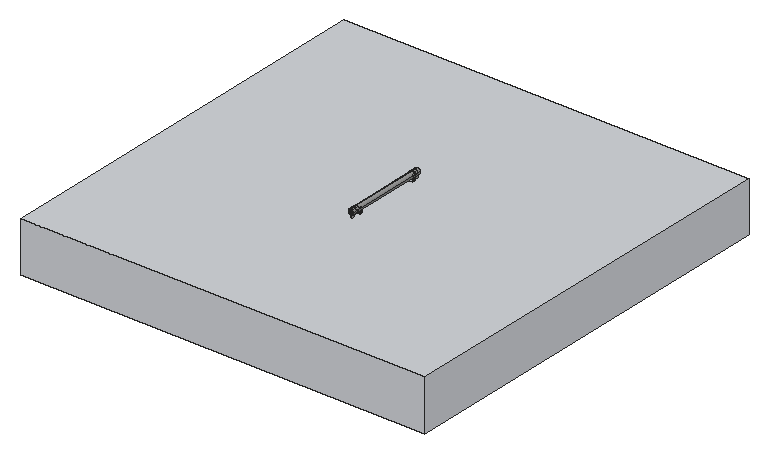
Revit family "L-line A 0.5", category Осветительные приборы, Revit 2017
Family settings
  Основа = Грань
  Размер круглого соединителя = Использовать диаметр
  Тип детали = Нормальный
  При загрузке вырезать с полостями = Нет
  Источник света = Да
  Общий = Нет
  Точка расчета площади = Нет
Parameters (values of type "L-line A 0.5 3.0K Д (матовый)")
  Расстояние от светильника до поверхности = 55.991 mm
  Описание = "Светодиодный светильник L-line A 0,5 предназначен для архитектурной подсветки зданий и сооружений различного назначения. Модули L-line A могут соединяться между собой в непрерывные линии длиной до 12 метров, что позволяет получить равномерную засветку по всей длине подключенных светильников. Соединение модулей осуществляется при помощи герметичных коннекторов."
  Lamp = ""
  Комментарии к типоразмеру = "Архитектурные"
  Wattage Comments = ""
  Wattage = 10.2934 W
  built-in parameter 1150110 = 1 (stored number, unit not read)
  built-in parameter 1114217 = 1 (stored number, unit not read)
  Tilt Angle = 90.00°
  built-in parameter 1150109 = 1 (stored number, unit not read)
  built-in parameter 1150134 = (empty or 0)
  built-in parameter 1150113 = 1 (stored number, unit not read)
  Файл фотометрической сетки = "L-line A 0.5-14-D-3.0K-03.ies"
  built-in parameter 1150142 = "IESNA:LM-63-1995\r\n[TEST]LEDEL\r\n[DATA]28.10.2017\r\n[MANUFAC]LEDEL\r\n[LUMCAT]L-line A 0.5/14/Д/3.0K/03\r\n[LUMINAIRE]Предназначен  для  архитектурной и декоративной  подсветки\r\n[LAMPCAT]LED\r\n[LAMP]OSRAM DURIS \r\nTILT=NONE\r\n\r\n\r\n1 1529  0.5525840260209  37 19 1 2 0.5 0.042 0.043\r\n\r\n1 1 14.4\r\n\r\n 0 2.5 5 7.5 10 12.5 15 17.5 20 22.5 25 27.5 30 32.5 35 37.5 40 42.5 45 47.5\r\n 50 52.5 55 57.5 60 62.5 65 67.5 70 72.5 75 77.5 80 82.5 85 87.5 90\r\n\r\n  0 10 20 30 40 50 60 70 80 90 100 110 120 130 140 150\r\n  160 170 180\r\n\r\n  819 818 817 812 806 800 789 778 765 751 734 717 699 679 658\r\n  637 616 591 568 544 521 496 469 446 421 396 372 347 324 300\r\n  277 257 234 216 195 177 160\r\n  819 819 817 812 810 803 795 787 775 765 754 740 726 711 696\r\n  679 663 643 626 607 586 567 548 529 511 491 469 446 422 400\r\n  378 355 337 317 299 281 263\r\n  808 806 806 803 797 792 784 776 765 755 742 729 714 700 683\r\n  667 649 630 611 591 570 551 528 509 487 468 447 425 403 384\r\n  362 343 321 303 283 264 248\r\n  800 800 797 795 789 784 774 764 755 743 729 715 700 681 665\r\n  647 629 609 586 566 547 526 507 484 466 444 422 402 381 360\r\n  338 319 299 280 263 244 229\r\n  811 811 809 804 799 793 783 773 762 748 734 719 702 685 666\r\n  644 625 602 582 560 536 515 492 466 445 421 400 378 354 333\r\n  312 292 271 251 232 215 198\r\n  819 818 817 812 806 800 789 778 765 751 734 717 699 679 658\r\n  637 616 591 568 544 521 496 469 446 421 396 372 347 324 300\r\n  277 257 234 216 195 177 160\r\n  820 819 818 812 806 800 789 778 764 748 732 714 693 674 652\r\n  629 606 578 556 528 502 477 450 422 395 368 340 313 288 263\r\n  238 214 192 172 151 135 118\r\n  822 821 820 815 809 800 789 777 762 747 729 710 690 667 645\r\n  621 595 567 540 514 485 459 429 402 371 344 313 283 255 226\r\n  200 175 151 128 108 91 76\r\n  825 821 820 815 809 800 788 775 761 745 727 706 685 663 639\r\n  614 588 561 533 504 471 438 410 378 348 317 288 255 224 193\r\n  163 133 107 84 64 46 35\r\n  820 821 818 814 806 797 786 774 759 743 723 705 685 659 636\r\n  610 584 557 527 500 469 441 412 381 351 319 287 253 217 185\r\n  152 120 90 63 39 22 14\r\n  825 822 819 812 805 796 785 771 754 737 720 700 679 655 630\r\n  606 578 552 525 496 469 438 410 379 347 316 285 252 222 189\r\n  159 129 103 80 60 42 31\r\n  822 821 817 811 806 796 786 773 756 739 722 701 682 659 635\r\n  611 586 559 533 504 477 448 419 390 360 330 300 271 241 216\r\n  188 162 138 118 99 83 66\r\n  820 819 815 810 803 795 784 771 756 740 723 707 688 665 642\r\n  619 597 572 545 518 493 466 438 411 383 355 329 301 274 250\r\n  225 203 181 161 141 126 109\r\n  819 818 814 810 803 795 786 773 759 746 731 714 694 674 655\r\n  633 611 587 563 540 515 488 463 437 412 386 362 338 313 289\r\n  267 247 225 206 187 169 152\r\n  811 811 806 802 795 788 779 770 756 743 729 713 696 677 658\r\n  638 617 595 573 550 528 504 480 458 433 411 387 364 343 320\r\n  299 279 258 240 222 203 186\r\n  800 800 800 795 787 780 773 765 756 741 723 708 693 677 658\r\n  641 619 599 579 558 536 515 493 472 452 429 408 386 367 345\r\n  324 306 288 267 249 231 215\r\n  808 807 805 803 797 789 783 774 764 753 739 727 712 697 680\r\n  660 642 623 604 584 562 541 521 499 477 455 435 413 393 373\r\n  353 332 313 292 274 257 240\r\n  819 819 817 812 810 803 795 786 774 763 753 739 726 708 693\r\n  675 658 641 620 601 583 562 540 519 499 477 454 435 413 390\r\n  370 349 329 311 294 274 256\r\n  819 818 814 810 803 795 786 773 759 746 731 714 694 674 655\r\n  633 611 587 563 540 515 488 463 437 412 386 362 338 313 289\r\n  267 247 225 206 187 169 152\r\n\r"
  built-in parameter 1150105 = 121.67 (stored number, unit not read)
  Lumens = 1529 lm
  built-in parameter 1150115 = 1 (stored number, unit not read)
  built-in parameter 1150137 = (empty or 0)
  built-in parameter 1150139 = (empty or 0)
  built-in parameter 1150112 = 1 (stored number, unit not read)
  built-in parameter 1150114 = 1 (stored number, unit not read)
  built-in parameter 1150132 = 2
  Классификация нагрузок = Освещение
  built-in parameter 1150102 = (empty or 0)
  built-in parameter 1150107 = 3000 (stored number, unit not read)
  built-in parameter 1150138 = (empty or 0)
  built-in parameter 1150106 = 1.2167 (stored number, unit not read)
  Emit from Rectangle Width = 32 mm
  Emit from Rectangle Length = 500 mm
  Изготовитель = "LEDEL"
  Длина профиля = Emit from Rectangle Length  # 500 mm
  Emit Shape Visible in Rendering = no
  built-in parameter 1150104 = 13.8 (stored number, unit not read)
  Dimming Lamp Color Temperature Shift = (empty or 0)
  Default Elevation = 1219.2 mm
  Color Filter = 16777215
  built-in parameter 1114218 = 1 (stored number, unit not read)
  built-in parameter 1150133 = 10 (stored number, unit not read)
  Apparent Load = 14.4 VA  # constant formula
  Артикул = "712101400833100"
Reference planes
  plane 1 "Center (Front/Back)": y = 0
  plane 2: z = 0
  plane 3 "Center (Left/Right)": x = 0
Forms (mm)
  Extrusion 1, solid
    sketch origin (0, 0, 0) x (1, 0, 0) y (0, 1, 0)
      loop
        line (-1219.2, 1219.2) -> (-1219.2, -1219.2) -> (1219.2, -1219.2) -> (1219.2, 1219.2) -> (-1219.2, 1219.2)
    from 0 to -304.8
Dimensions and locks
  "Расстояние от светильника до поверхности": imposter light to Extrusion 1
  aligned and locked: plane 2 to Extrusion 1
  aligned and locked: level to Extrusion 1
Automatic sketch dimensions
  Extrusion 1 sketch curve to Extrusion 1 sketch curve = 2438.4 mm  (x2)
Nested families
  nested 1: "L-line A_body" at (0, 0, 0), type "L-line A_body"
    with Расстояние от светильника до плоскости 55.991 mm, Начало выдавливания -250 mm, Конец выдавливания 250 mm, Драйвер, начальная точка -247.5 mm, Драйвер, конечная точка 247.5 mm, Длина профиля 500 mm
Connectors
  electrical at (0, 0, 0), driven by "Apparent Load"
    settings: on Extrusion 1, index 1, voltage 230 V, apparent load 0 VA, apparent load phase1 14.4 VA, apparent load phase2 0 VA, apparent load phase3 0 VA, power factor 1, load classification "Прочее", number of poles 1, system type 31, power factor state 1, is connector primary yes, connector utility no, sub classification motor no, connector description ""
Definition of nested family "L-line A_body"
  Parameters (values of type "L-line A_body")
    Расстояние от светильника до плоскости = 150 mm
    Default Elevation = 1219.2 mm
    Начало выдавливания = Длина профиля / 2 * (-1)  # -125 mm
    Конец выдавливания = Длина профиля / 2  # 125 mm
    Драйвер, начальная точка = Длина профиля / (-2) + 2.5 mm  # -122.5 mm
    Драйвер, конечная точка = Длина профиля / 2 - 2.5 mm  # 122.5 mm
    Длина профиля = 250 mm
  Reference planes
    plane 1 "По центру (Вперед/Назад)": y = 0
    plane 2: z = 0
    plane 3 "По центру (Влево/Вправо)": x = 0
    plane 4 "Плоскость расположения светильника": z = 150
  Forms (mm)
    Extrusion 1, solid
      sketch origin (0, 0, 0) x (1, 0, 0) y (0, 1, 0)
        loop
          line (-1219.2, 1219.2) -> (-1219.2, -1219.2) -> (1219.2, -1219.2) -> (1219.2, 1219.2) -> (-1219.2, 1219.2)
      from 0 to -304.8
    Extrusion 2, solid
      sketch origin (-0.012, 0, 76.46) x (0, 0, 1) y (1, 0, 0)
        loop
          line (57.295, 0) -> (57.295, 14.224) -> (55.737, 14.224) -> (55.737, -14.176) -> (57.295, -14.176) -> (57.295, 0)
      from -122.5 <- "Драйвер, начальная точка" to 122.5 <- "Драйвер, конечная точка"
    Extrusion 3, solid
      sketch origin (-0.012, 0.083, 76.46) x (-1, 0, 0) y (0, 0, -1)
        loop
          circle (0, -56.539) r 16
        loop
          circle (0, -56.539) r 15
      from -125 <- "Начало выдавливания" to 125 <- "Конец выдавливания"
    Extrusion 4, solid
      sketch origin (-0.012, -122.5, 76.46) x (0, 0, -1) y (1, 0, 0)
        loop
          circle (-56.516, 0.024) r 17.4
        loop
          circle (-56.527, 0) r 16
      from -33.5 to -17.9
    Extrusion 5, solid
      sketch origin (-0.012, 122.5, 76.46) x (0, 0, 1) y (1, 0, 0)
        loop
          circle (56.516, 0.024) r 17.4
        loop
          circle (56.527, 0) r 16
      from -33.5 to -17.9
    Extrusion 6, solid
      sketch origin (-14.187, 0, 132.196) x (0, -1, 0) y (-1, 0, 0)
        loop
          circle (-115.7, -14.176) r 6.8
        loop
          circle (115.7, -14.176) r 6.8
      from 30 to 13
    Extrusion 7, solid
      sketch origin (-0.012, 125.083, 76.46) x (1, 0, 0) y (0, 0, -1)
        loop
          line (-17.974, -30.697) -> (-17.974, -33.843)
          arc (-17.974, -33.843) -> (-18.273, -34.564) -> (-18.993, -34.863) r 1.019
          line (-18.993, -34.863) -> (-19.884, -34.863)
          arc (-19.884, -34.863) -> (-20.613, -35.165) -> (-20.916, -35.895) r 1.032
          line (-20.916, -35.895) -> (-20.916, -38.827)
          arc (-20.916, -38.827) -> (-20.612, -39.559) -> (-19.88, -39.863) r 1.036
          line (-19.88, -39.863) -> (-18.974, -39.863)
          arc (-18.974, -39.863) -> (-18.267, -40.156) -> (-17.974, -40.863) r 1
          line (-17.974, -40.863) -> (-17.974, -47.034)
          arc (-17.974, -47.034) -> (-18.248, -47.869) -> (-18.963, -48.381) r 1.413
          arc (-18.963, -48.381) -> (-19.382, -48.8) -> (-18.963, -49.22) r 0.419
          arc (-18.963, -49.22) -> (-18.248, -49.731) -> (-17.974, -50.567) r 1.413
          line (-17.974, -50.567) -> (-17.925, -55.697)
          arc (-17.925, -55.697) -> (-17.113, -59.518) -> (-15.495, -63.074) r 18
          arc (-15.495, -63.074) -> (-15.394, -63.827) -> (-15.866, -64.423) r 0.971
          arc (-15.866, -64.423) -> (-16.042, -64.842) -> (-15.778, -65.212) r 0.466
          line (-15.778, -65.212) -> (-14.225, -63.863)
          arc (-14.225, -63.863) -> (-13.66, -48.207) -> (0, -40.539) r 16
          arc (0, -40.539) -> (13.66, -48.207) -> (14.225, -63.863) r 16
          line (14.225, -63.863) -> (15.778, -65.212)
          arc (15.778, -65.212) -> (16.042, -64.842) -> (15.866, -64.423) r 0.466
          arc (15.866, -64.423) -> (15.394, -63.827) -> (15.495, -63.074) r 0.971
          arc (15.495, -63.074) -> (17.113, -59.518) -> (17.974, -55.697) r 18
          line (17.974, -55.697) -> (17.974, -50.567)
          arc (17.974, -50.567) -> (18.248, -49.731) -> (18.963, -49.22) r 1.413
          arc (18.963, -49.22) -> (19.382, -48.8) -> (18.963, -48.381) r 0.419
          arc (18.963, -48.381) -> (18.248, -47.869) -> (17.974, -47.034) r 1.413
          line (17.974, -47.034) -> (17.974, -40.863)
          arc (17.974, -40.863) -> (18.267, -40.156) -> (18.974, -39.863) r 1
          line (18.974, -39.863) -> (19.867, -39.863)
          arc (19.867, -39.863) -> (20.599, -39.559) -> (20.903, -38.827) r 1.036
          line (20.903, -38.827) -> (20.903, -35.895)
          arc (20.903, -35.895) -> (20.601, -35.165) -> (19.871, -34.863) r 1.032
          line (19.871, -34.863) -> (18.993, -34.863)
          arc (18.993, -34.863) -> (18.273, -34.564) -> (17.974, -33.843) r 1.019
          line (17.974, -33.843) -> (17.974, -30.697) -> (0, -30.697) -> (-17.974, -30.697)
      from -43.6 to -55.6
    Extrusion 8, solid
      sketch origin (-0.012, -124.917, 76.46) x (-1, 0, 0) y (0, 0, -1)
        loop
          line (17.974, -30.697) -> (0, -30.697) -> (-17.974, -30.697) -> (-17.974, -33.843)
          arc (-17.974, -33.843) -> (-18.273, -34.564) -> (-18.993, -34.863) r 1.019
          line (-18.993, -34.863) -> (-19.871, -34.863)
          arc (-19.871, -34.863) -> (-20.601, -35.165) -> (-20.903, -35.895) r 1.032
          line (-20.903, -35.895) -> (-20.903, -38.827)
          arc (-20.903, -38.827) -> (-20.599, -39.559) -> (-19.867, -39.863) r 1.036
          line (-19.867, -39.863) -> (-18.974, -39.863)
          arc (-18.974, -39.863) -> (-18.267, -40.156) -> (-17.974, -40.863) r 1
          line (-17.974, -40.863) -> (-17.974, -47.034)
          arc (-17.974, -47.034) -> (-18.248, -47.869) -> (-18.963, -48.381) r 1.413
          arc (-18.963, -48.381) -> (-19.382, -48.8) -> (-18.963, -49.22) r 0.419
          arc (-18.963, -49.22) -> (-18.248, -49.731) -> (-17.974, -50.567) r 1.413
          line (-17.974, -50.567) -> (-17.974, -55.697)
          arc (-17.974, -55.697) -> (-17.113, -59.518) -> (-15.495, -63.074) r 18
          arc (-15.495, -63.074) -> (-15.394, -63.827) -> (-15.866, -64.423) r 0.971
          arc (-15.866, -64.423) -> (-16.042, -64.842) -> (-15.778, -65.212) r 0.466
          line (-15.778, -65.212) -> (-14.225, -63.863)
          arc (-14.225, -63.863) -> (-13.66, -48.207) -> (0, -40.539) r 16
          arc (0, -40.539) -> (13.66, -48.207) -> (14.225, -63.863) r 16
          line (14.225, -63.863) -> (15.778, -65.212)
          arc (15.778, -65.212) -> (16.042, -64.842) -> (15.866, -64.423) r 0.466
          arc (15.866, -64.423) -> (15.394, -63.827) -> (15.495, -63.074) r 0.971
          arc (15.495, -63.074) -> (17.113, -59.518) -> (17.925, -55.697) r 18
          line (17.925, -55.697) -> (17.974, -50.567)
          arc (17.974, -50.567) -> (18.248, -49.731) -> (18.963, -49.22) r 1.413
          arc (18.963, -49.22) -> (19.382, -48.8) -> (18.963, -48.381) r 0.419
          arc (18.963, -48.381) -> (18.248, -47.869) -> (17.974, -47.034) r 1.413
          line (17.974, -47.034) -> (17.974, -40.863)
          arc (17.974, -40.863) -> (18.267, -40.156) -> (18.974, -39.863) r 1
          line (18.974, -39.863) -> (19.88, -39.863)
          arc (19.88, -39.863) -> (20.612, -39.559) -> (20.916, -38.827) r 1.036
          line (20.916, -38.827) -> (20.916, -35.895)
          arc (20.916, -35.895) -> (20.613, -35.165) -> (19.884, -34.863) r 1.032
          line (19.884, -34.863) -> (18.993, -34.863)
          arc (18.993, -34.863) -> (18.273, -34.564) -> (17.974, -33.843) r 1.019
          line (17.974, -33.843) -> (17.974, -30.697)
      from -43.6 to -55.6
  Cuts and joins
    joined: Extrusion 3, Extrusion 6
  Dimensions and locks
    "Расстояние от светильника до плоскости": plane 4 "Плоскость расположения светильника" to Extrusion 1
    aligned and locked: plane 2 to Extrusion 1
    aligned and locked: level to Extrusion 1
  Automatic sketch dimensions
    Extrusion 1 sketch curve to Extrusion 1 sketch curve = 2438.4 mm  (x2)
    Extrusion 3 sketch curve to plane 3 "По центру (Влево/Вправо)" = 0.012 mm
    Extrusion 3 sketch curve to plane 4 "Плоскость расположения светильника" = 17.002 mm
    Extrusion 3 sketch curve to Extrusion 3 sketch curve = 0 mm  (x2)
    Extrusion 2 sketch curve to plane 4 "Плоскость расположения светильника" = 17.804 mm
    Extrusion 2 sketch curve to Extrusion 2 sketch curve = 1.558 mm
    Extrusion 2 sketch curve to plane 3 "По центру (Влево/Вправо)" = 14.187 mm
    Extrusion 2 sketch curve to plane 3 "По центру (Влево/Вправо)" = 0.012 mm
    plane 3 "По центру (Влево/Вправо)" to Extrusion 2 sketch curve = 14.213 mm
    Extrusion 6 sketch curve to Extrusion 2 = 6.8 mm  (x2)
    Extrusion 2 to Extrusion 6 sketch curve = 14.176 mm  (x2)
    Extrusion 7 sketch curve to Extrusion 7 sketch curve = 0 mm  (x11)
    Extrusion 7 sketch curve to Extrusion 7 sketch curve = 0.016 mm
    Extrusion 7 sketch curve to Extrusion 7 sketch curve = 14.225 mm  (x2)
    Extrusion 7 sketch curve to Extrusion 7 sketch curve = 1.353 mm  (x2)
    Extrusion 7 sketch curve to Extrusion 7 sketch curve = 0.199 mm  (x2)
    Extrusion 7 sketch curve to Extrusion 7 sketch curve = 0.751 mm  (x2)
    Extrusion 7 sketch curve to Extrusion 7 sketch curve = 17.974 mm  (x2)
    Extrusion 7 sketch curve to Extrusion 7 sketch curve = 0.989 mm  (x2)
    Extrusion 7 sketch curve to Extrusion 7 sketch curve = 1 mm  (x2)
    Extrusion 7 sketch curve to Extrusion 7 sketch curve = 1.019 mm  (x2)
    Extrusion 7 sketch curve to Extrusion 7 sketch curve = 1.413 mm  (x2)
    Extrusion 7 sketch curve to Extrusion 7 sketch curve = 0.424 mm  (x2)
    Extrusion 7 sketch curve to Extrusion 7 sketch curve = 0.905 mm
    Extrusion 7 sketch curve to Extrusion 7 sketch curve = 0.89 mm
    Extrusion 7 sketch curve to Extrusion 7 sketch curve = 1.032 mm
    Extrusion 7 sketch curve to Extrusion 7 sketch curve = 0.033 mm
    Extrusion 7 sketch curve to Extrusion 7 sketch curve = 0.893 mm
    Extrusion 7 sketch curve to Extrusion 7 sketch curve = 0.878 mm
    Extrusion 7 sketch curve to Extrusion 7 sketch curve = 1.036 mm
    Extrusion 7 sketch curve to Extrusion 7 sketch curve = 0.928 mm  (x2)
    Extrusion 7 sketch curve to Extrusion 7 sketch curve = 0.422 mm  (x2)
    Extrusion 7 sketch curve to Extrusion 7 sketch curve = 1.22 mm  (x2)
    Extrusion 7 sketch curve to Extrusion 7 sketch curve = 2.652 mm
    Extrusion 7 sketch curve to Extrusion 7 sketch curve = 13.003 mm  (x2)
    Extrusion 7 sketch curve to Extrusion 7 sketch curve = 0.419 mm  (x2)
    Extrusion 7 sketch curve to Extrusion 7 sketch curve = 6.171 mm  (x2)
    Extrusion 7 sketch curve to Extrusion 7 sketch curve = 2.932 mm  (x2)
    Extrusion 7 sketch curve to Extrusion 7 sketch curve = 3.147 mm
    Extrusion 7 sketch curve to Extrusion 7 sketch curve = 0.835 mm  (x2)
    Extrusion 7 sketch curve to Extrusion 7 sketch curve = 0.049 mm  (x2)
    Extrusion 8 sketch curve to Extrusion 8 sketch curve = 0 mm  (x11)
    Extrusion 8 sketch curve to Extrusion 8 sketch curve = 0.016 mm
    Extrusion 8 sketch curve to Extrusion 8 sketch curve = 14.225 mm  (x2)
    Extrusion 8 sketch curve to Extrusion 8 sketch curve = 1.353 mm  (x2)
    Extrusion 8 sketch curve to Extrusion 8 sketch curve = 0.199 mm  (x2)
    Extrusion 8 sketch curve to Extrusion 8 sketch curve = 0.751 mm  (x2)
    Extrusion 8 sketch curve to Extrusion 8 sketch curve = 17.974 mm  (x2)
    Extrusion 8 sketch curve to Extrusion 8 sketch curve = 0.989 mm  (x2)
    Extrusion 8 sketch curve to Extrusion 8 sketch curve = 1 mm  (x2)
    Extrusion 8 sketch curve to Extrusion 8 sketch curve = 1.019 mm  (x2)
    Extrusion 8 sketch curve to Extrusion 8 sketch curve = 0.424 mm  (x2)
    Extrusion 8 sketch curve to Extrusion 8 sketch curve = 0.893 mm
    Extrusion 8 sketch curve to Extrusion 8 sketch curve = 0.878 mm
    Extrusion 8 sketch curve to Extrusion 8 sketch curve = 1.032 mm  (x2)
    Extrusion 8 sketch curve to Extrusion 8 sketch curve = 0.033 mm
    Extrusion 8 sketch curve to Extrusion 8 sketch curve = 1.413 mm  (x2)
    Extrusion 8 sketch curve to Extrusion 8 sketch curve = 0.905 mm
    Extrusion 8 sketch curve to Extrusion 8 sketch curve = 0.89 mm
    Extrusion 8 sketch curve to Extrusion 8 sketch curve = 0.928 mm  (x2)
    Extrusion 8 sketch curve to Extrusion 8 sketch curve = 0.422 mm  (x2)
    Extrusion 8 sketch curve to Extrusion 8 sketch curve = 1.22 mm  (x2)
    Extrusion 8 sketch curve to Extrusion 8 sketch curve = 2.652 mm
    Extrusion 8 sketch curve to Extrusion 8 sketch curve = 13.003 mm  (x2)
    Extrusion 8 sketch curve to Extrusion 8 sketch curve = 0.419 mm  (x2)
    Extrusion 8 sketch curve to Extrusion 8 sketch curve = 6.171 mm  (x2)
    Extrusion 8 sketch curve to Extrusion 8 sketch curve = 2.932 mm  (x2)
    Extrusion 8 sketch curve to Extrusion 8 sketch curve = 3.147 mm
    Extrusion 8 sketch curve to Extrusion 8 sketch curve = 0.835 mm  (x2)
    Extrusion 8 sketch curve to Extrusion 8 sketch curve = 0.049 mm  (x2)
    Extrusion 2 to Extrusion 4 sketch curve = 0.779 mm
    Extrusion 4 sketch curve to Extrusion 4 sketch curve = 0.011 mm
    Extrusion 2 to Extrusion 4 sketch curve = 14.176 mm
    Extrusion 4 sketch curve to Extrusion 4 sketch curve = 0.024 mm
    Extrusion 5 sketch curve to Extrusion 2 = 0.779 mm
    Extrusion 5 sketch curve to Extrusion 5 sketch curve = 0.011 mm
    Extrusion 5 sketch curve to Extrusion 2 = 14.176 mm
    Extrusion 5 sketch curve to Extrusion 5 sketch curve = 0.024 mm
    radius of Extrusion 3 sketch curve = 16 mm
    radius of Extrusion 3 sketch curve = 15 mm
    radius of Extrusion 6 sketch curve = 6.8 mm  (x2)
    radius of Extrusion 7 sketch curve to Extrusion 3 = 0 mm
    radius of Extrusion 8 sketch curve to Extrusion 3 = 0 mm
    radius of Extrusion 4 sketch curve = 17.4 mm
    radius of Extrusion 4 sketch curve = 16 mm
    radius of Extrusion 5 sketch curve = 17.4 mm
    radius of Extrusion 5 sketch curve = 16 mm
Types (6, lengths in mm): name | Wattage | built-in parameter 1150134 | Файл фотометрической сетки | built-in parameter 1150142 | built-in parameter 1150105 | Lumens | built-in parameter 1150107 | built-in parameter 1150106 | Артикул
  L-line A 0.5 3.0К Д (прозрачный) | 11.4378 W | (empty or 0) | "L-line A 0.5-14-D-3.0K-01.ies" | "IESNA:LM-63-1995\r\n[TEST]LEDEL\r\n[DATA]28.10.2017\r\n[MANUFAC]LEDEL\r\n[LUMCAT]L-line A 0.5/14/Д/3.0K/01 \r\n[LUMINAIRE]Предназначен  для  архитектурной и декоративной  подсветки\r\n[LAMPCAT]LED\r\n[LAMP]OSRAM DURIS \r\nTILT=NONE\r\n\r\n1 1699 0.6129148629148 37 19 1 2  0.500  0.042  0.043\r\n\r\n1 1 14.4\r\n\r\n 0 2.5 5 7.5 10 12.5 15 17.5 20 22.5 25 27.5 30 32.5 35 37.5 40 42.5 45 47.5 50 52.5 55 57.5 60 62.5 65 67.5 70 72.5 75 77.5 80 82.5\r\n 85 87.5 90\r\n\r\n  0 10 20 30 40 50 60 70 80 90 100 110 120 130 140 150\r\n  160 170 180\r\n\r\n   1044 1046 1045 1048 1020 972 953 982 989 981 961 952 945 925 893\r\n  843 814 794 790 789 760 696 633 589 576 550 509 435 385 349\r\n  310 259 205 156 98 63 43\r\n  1042 1000 951 944 975 1003 992 973 942 903 876 851 833 815 789\r\n  740 705 667 626 622 575 523 477 425 404 356 294 255 208 156\r\n  110 78 54 35 25 20 15\r\n  1049 1022 970 945 958 992 1003 985 964 929 893 867 841 822 803\r\n  772 725 690 650 614 604 580 518 463 406 381 335 274 236 186\r\n  132 91 62 43 28 21 15\r\n  1049 1039 996 951 941 962 992 993 973 951 914 872 844 815 795\r\n  773 743 692 658 618 570 556 527 466 419 367 340 290 234 197\r\n  148 102 69 47 31 22 18\r\n  1049 1043 1011 964 940 943 966 987 977 951 926 885 844 810 774\r\n  747 718 692 650 610 573 528 510 488 419 367 316 295 242 191\r\n  154 106 67 46 30 21 18\r\n  1049 1042 1012 971 938 926 934 949 961 957 934 903 865 815 770\r\n  740 712 687 666 646 602 553 511 466 438 418 351 285 239 199\r\n  150 112 70 43 30 21 17\r\n  1048 1047 1035 1010 975 942 917 904 906 912 917 898 861 828 806\r\n  776 732 687 651 623 592 552 516 459 411 351 312 281 212 164\r\n  131 94 65 37 26 19 15\r\n  1047 1044 1041 1030 1011 989 953 923 892 866 833 811 803 805 810\r\n  802 772 739 700 658 599 542 495 446 397 355 306 250 200 171\r\n  137 94 67 43 25 18 13\r\n  1048 1044 1040 1034 1025 1016 1001 983 960 926 879 835 799 774 745\r\n  708 674 646 615 592 569 545 518 488 435 370 302 235 187 143\r\n  120 91 58 37 21 14 13\r\n  1047 1043 1040 1033 1024 1016 1002 989 974 945 907 879 860 850 836\r\n  806 770 737 702 669 622 577 527 477 425 372 318 259 206 161\r\n  132 79 44 27 14 11 9\r\n  1048 1044 1042 1034 1025 1016 1001 984 961 927 881 836 800 774 745\r\n  709 675 647 617 592 569 546 519 489 436 372 304 236 190 144\r\n  121 92 56 38 22 14 12\r\n  1047 1045 1041 1030 1011 989 954 923 892 866 836 811 803 805 810\r\n  802 773 739 702 659 602 543 495 447 398 355 307 251 200 172\r\n  139 95 68 43 25 18 14\r\n  1048 1047 1036 1010 977 943 918 904 904 911 915 899 862 829 806\r\n  778 734 688 652 624 592 553 517 460 412 353 311 283 214 165\r\n  131 95 67 37 26 19 17\r\n  1049 1042 1014 972 938 926 934 948 961 957 934 903 867 816 772\r\n  741 712 688 666 647 604 554 513 467 437 419 354 287 240 200\r\n  151 113 71 43 30 21 17\r\n  1049 1044 1013 965 940 942 966 986 977 951 927 886 843 811 775\r\n  747 718 693 653 611 573 529 511 490 420 369 317 295 244 192\r\n  157 108 69 46 30 21 18\r\n  1049 1040 998 952 942 961 992 994 973 952 914 873 845 816 797\r\n  774 743 693 659 620 570 556 529 467 421 369 340 292 236 199\r\n  151 103 71 47 31 22 18\r\n  1049 1023 973 945 958 991 1004 985 965 930 893 868 841 823 803\r\n  773 726 691 652 615 606 581 519 465 407 382 335 275 239 187\r\n  134 92 63 43 28 21 17\r\n  1042 1002 952 944 974 1003 992 973 942 903 877 852 833 815 789\r\n  741 707 668 629 622 577 524 478 425 404 358 294 256 209 158\r\n  110 78 54 36 25 20 15\r\n  1044 1045 1045 1048 1020 974 953 982 989 981 961 953 945 926 893\r\n  843 814 795 790 789 760 696 633 587 576 549 509 433 385 350\r\n  310 258 205 156 98 62 43\r\n\r\n" | 135.2 (stored number, unit not read) | 1699 lm | 3000 (stored number, unit not read) | 1.352 (stored number, unit not read) | "800023"
  L-line A 0.5 4.0К Д (прозрачный) | 11.4378 W | 12 | "L-line A 0.5-14-D-4.0K-01.ies" | "IESNA:LM-63-1995\r\n[TEST]LEDEL\r\n[DATA]28.10.2017\r\n[MANUFAC]LEDEL\r\n[LUMCAT]L-line A 0.5/14/Д/4.0K/01 \r\n[LUMINAIRE]Предназначен  для  архитектурной и декоративной  подсветки\r\n[LAMPCAT]LED\r\n[LAMP]OSRAM DURIS \r\nTILT=NONE\r\n\r\n1 1699 0.6129148629148 37 19 1 2  0.500  0.042  0.043\r\n\r\n1 1 14.4\r\n\r\n 0 2.5 5 7.5 10 12.5 15 17.5 20 22.5 25 27.5 30 32.5 35 37.5 40 42.5 45 47.5 50 52.5 55 57.5 60 62.5 65 67.5 70 72.5 75 77.5 80 82.5\r\n 85 87.5 90\r\n\r\n  0 10 20 30 40 50 60 70 80 90 100 110 120 130 140 150\r\n  160 170 180\r\n\r\n   1044 1046 1045 1048 1020 972 953 982 989 981 961 952 945 925 893\r\n  843 814 794 790 789 760 696 633 589 576 550 509 435 385 349\r\n  310 259 205 156 98 63 43\r\n  1042 1000 951 944 975 1003 992 973 942 903 876 851 833 815 789\r\n  740 705 667 626 622 575 523 477 425 404 356 294 255 208 156\r\n  110 78 54 35 25 20 15\r\n  1049 1022 970 945 958 992 1003 985 964 929 893 867 841 822 803\r\n  772 725 690 650 614 604 580 518 463 406 381 335 274 236 186\r\n  132 91 62 43 28 21 15\r\n  1049 1039 996 951 941 962 992 993 973 951 914 872 844 815 795\r\n  773 743 692 658 618 570 556 527 466 419 367 340 290 234 197\r\n  148 102 69 47 31 22 18\r\n  1049 1043 1011 964 940 943 966 987 977 951 926 885 844 810 774\r\n  747 718 692 650 610 573 528 510 488 419 367 316 295 242 191\r\n  154 106 67 46 30 21 18\r\n  1049 1042 1012 971 938 926 934 949 961 957 934 903 865 815 770\r\n  740 712 687 666 646 602 553 511 466 438 418 351 285 239 199\r\n  150 112 70 43 30 21 17\r\n  1048 1047 1035 1010 975 942 917 904 906 912 917 898 861 828 806\r\n  776 732 687 651 623 592 552 516 459 411 351 312 281 212 164\r\n  131 94 65 37 26 19 15\r\n  1047 1044 1041 1030 1011 989 953 923 892 866 833 811 803 805 810\r\n  802 772 739 700 658 599 542 495 446 397 355 306 250 200 171\r\n  137 94 67 43 25 18 13\r\n  1048 1044 1040 1034 1025 1016 1001 983 960 926 879 835 799 774 745\r\n  708 674 646 615 592 569 545 518 488 435 370 302 235 187 143\r\n  120 91 58 37 21 14 13\r\n  1047 1043 1040 1033 1024 1016 1002 989 974 945 907 879 860 850 836\r\n  806 770 737 702 669 622 577 527 477 425 372 318 259 206 161\r\n  132 79 44 27 14 11 9\r\n  1048 1044 1042 1034 1025 1016 1001 984 961 927 881 836 800 774 745\r\n  709 675 647 617 592 569 546 519 489 436 372 304 236 190 144\r\n  121 92 56 38 22 14 12\r\n  1047 1045 1041 1030 1011 989 954 923 892 866 836 811 803 805 810\r\n  802 773 739 702 659 602 543 495 447 398 355 307 251 200 172\r\n  139 95 68 43 25 18 14\r\n  1048 1047 1036 1010 977 943 918 904 904 911 915 899 862 829 806\r\n  778 734 688 652 624 592 553 517 460 412 353 311 283 214 165\r\n  131 95 67 37 26 19 17\r\n  1049 1042 1014 972 938 926 934 948 961 957 934 903 867 816 772\r\n  741 712 688 666 647 604 554 513 467 437 419 354 287 240 200\r\n  151 113 71 43 30 21 17\r\n  1049 1044 1013 965 940 942 966 986 977 951 927 886 843 811 775\r\n  747 718 693 653 611 573 529 511 490 420 369 317 295 244 192\r\n  157 108 69 46 30 21 18\r\n  1049 1040 998 952 942 961 992 994 973 952 914 873 845 816 797\r\n  774 743 693 659 620 570 556 529 467 421 369 340 292 236 199\r\n  151 103 71 47 31 22 18\r\n  1049 1023 973 945 958 991 1004 985 965 930 893 868 841 823 803\r\n  773 726 691 652 615 606 581 519 465 407 382 335 275 239 187\r\n  134 92 63 43 28 21 17\r\n  1042 1002 952 944 974 1003 992 973 942 903 877 852 833 815 789\r\n  741 707 668 629 622 577 524 478 425 404 358 294 256 209 158\r\n  110 78 54 36 25 20 15\r\n  1044 1045 1045 1048 1020 974 953 982 989 981 961 953 945 926 893\r\n  843 814 795 790 789 760 696 633 587 576 549 509 433 385 350\r\n  310 258 205 156 98 62 43\r\n\r\n" | 135.2 (stored number, unit not read) | 1699 lm | 4000 (stored number, unit not read) | 1.352 (stored number, unit not read) | "800022"
  L-line A 0.5 5.0К Д (прозрачный) | 11.4378 W | 2 | "L-line A 0.5-14-D-5.0K-01.ies" | "IESNA:LM-63-1995\r\n[TEST]LEDEL\r\n[DATA]28.10.2017\r\n[MANUFAC]LEDEL\r\n[LUMCAT]L-line A 0.5/14/Д/5.0K/01 \r\n[LUMINAIRE]Предназначен  для  архитектурной и декоративной  подсветки\r\n[LAMPCAT]LED\r\n[LAMP]OSRAM DURIS \r\nTILT=NONE\r\n\r\n1 1699 0.6129148629148 37 19 1 2  0.500  0.042  0.043\r\n\r\n1 1 14.4\r\n\r\n 0 2.5 5 7.5 10 12.5 15 17.5 20 22.5 25 27.5 30 32.5 35 37.5 40 42.5 45 47.5 50 52.5 55 57.5 60 62.5 65 67.5 70 72.5 75 77.5 80 82.5\r\n 85 87.5 90\r\n\r\n  0 10 20 30 40 50 60 70 80 90 100 110 120 130 140 150\r\n  160 170 180\r\n\r\n   1044 1046 1045 1048 1020 972 953 982 989 981 961 952 945 925 893\r\n  843 814 794 790 789 760 696 633 589 576 550 509 435 385 349\r\n  310 259 205 156 98 63 43\r\n  1042 1000 951 944 975 1003 992 973 942 903 876 851 833 815 789\r\n  740 705 667 626 622 575 523 477 425 404 356 294 255 208 156\r\n  110 78 54 35 25 20 15\r\n  1049 1022 970 945 958 992 1003 985 964 929 893 867 841 822 803\r\n  772 725 690 650 614 604 580 518 463 406 381 335 274 236 186\r\n  132 91 62 43 28 21 15\r\n  1049 1039 996 951 941 962 992 993 973 951 914 872 844 815 795\r\n  773 743 692 658 618 570 556 527 466 419 367 340 290 234 197\r\n  148 102 69 47 31 22 18\r\n  1049 1043 1011 964 940 943 966 987 977 951 926 885 844 810 774\r\n  747 718 692 650 610 573 528 510 488 419 367 316 295 242 191\r\n  154 106 67 46 30 21 18\r\n  1049 1042 1012 971 938 926 934 949 961 957 934 903 865 815 770\r\n  740 712 687 666 646 602 553 511 466 438 418 351 285 239 199\r\n  150 112 70 43 30 21 17\r\n  1048 1047 1035 1010 975 942 917 904 906 912 917 898 861 828 806\r\n  776 732 687 651 623 592 552 516 459 411 351 312 281 212 164\r\n  131 94 65 37 26 19 15\r\n  1047 1044 1041 1030 1011 989 953 923 892 866 833 811 803 805 810\r\n  802 772 739 700 658 599 542 495 446 397 355 306 250 200 171\r\n  137 94 67 43 25 18 13\r\n  1048 1044 1040 1034 1025 1016 1001 983 960 926 879 835 799 774 745\r\n  708 674 646 615 592 569 545 518 488 435 370 302 235 187 143\r\n  120 91 58 37 21 14 13\r\n  1047 1043 1040 1033 1024 1016 1002 989 974 945 907 879 860 850 836\r\n  806 770 737 702 669 622 577 527 477 425 372 318 259 206 161\r\n  132 79 44 27 14 11 9\r\n  1048 1044 1042 1034 1025 1016 1001 984 961 927 881 836 800 774 745\r\n  709 675 647 617 592 569 546 519 489 436 372 304 236 190 144\r\n  121 92 56 38 22 14 12\r\n  1047 1045 1041 1030 1011 989 954 923 892 866 836 811 803 805 810\r\n  802 773 739 702 659 602 543 495 447 398 355 307 251 200 172\r\n  139 95 68 43 25 18 14\r\n  1048 1047 1036 1010 977 943 918 904 904 911 915 899 862 829 806\r\n  778 734 688 652 624 592 553 517 460 412 353 311 283 214 165\r\n  131 95 67 37 26 19 17\r\n  1049 1042 1014 972 938 926 934 948 961 957 934 903 867 816 772\r\n  741 712 688 666 647 604 554 513 467 437 419 354 287 240 200\r\n  151 113 71 43 30 21 17\r\n  1049 1044 1013 965 940 942 966 986 977 951 927 886 843 811 775\r\n  747 718 693 653 611 573 529 511 490 420 369 317 295 244 192\r\n  157 108 69 46 30 21 18\r\n  1049 1040 998 952 942 961 992 994 973 952 914 873 845 816 797\r\n  774 743 693 659 620 570 556 529 467 421 369 340 292 236 199\r\n  151 103 71 47 31 22 18\r\n  1049 1023 973 945 958 991 1004 985 965 930 893 868 841 823 803\r\n  773 726 691 652 615 606 581 519 465 407 382 335 275 239 187\r\n  134 92 63 43 28 21 17\r\n  1042 1002 952 944 974 1003 992 973 942 903 877 852 833 815 789\r\n  741 707 668 629 622 577 524 478 425 404 358 294 256 209 158\r\n  110 78 54 36 25 20 15\r\n  1044 1045 1045 1048 1020 974 953 982 989 981 961 953 945 926 893\r\n  843 814 795 790 789 760 696 633 587 576 549 509 433 385 350\r\n  310 258 205 156 98 62 43\r\n\r\n" | 135.2 (stored number, unit not read) | 1699 lm | 5000 (stored number, unit not read) | 1.352 (stored number, unit not read) | "800021"
